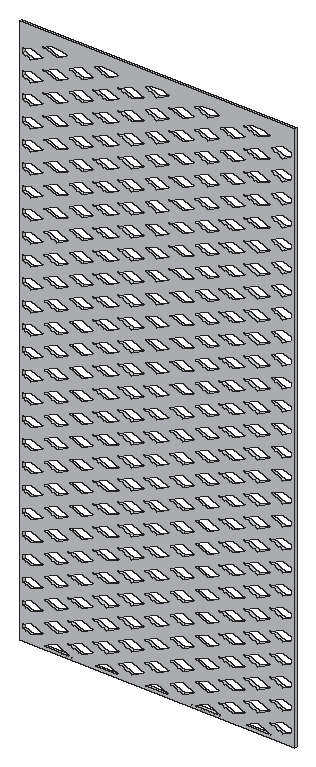
Revit family "J2 PET Felt Room Divider Lattice", category Specialty Equipment, Revit 2022
Family settings
  Round Connector Dimension = Use Diameter
  Part Type = Normal
  Work Plane-Based = No
  Always vertical = Yes
  Cut with Voids When Loaded = No
  Maintain Annotation Orientation = No
  Shared = No
  Room Calculation Point = No
Parameters
  URL = "https://www.j2systems.net/"
  Style Number = "RDLATT"  # constant formula
  Symbol Name = "RDLATT"  # constant formula
  Release Date = "2019"  # constant formula
  Product Line = "Room Divider"  # constant formula
  Model = "Lattice"  # constant formula
  Manufacturer = "J2 Systems"  # constant formula
  Keynote = ""
  Felt Color = none
  Default Elevation = 0' - 0"
Reference planes (in)
  plane 1 "Center (Front/Back)": y = 0
  plane 2: z = 0
  plane 3 "Center (Left/Right)": x = 0
Forms (in)
  Extrusion 1, solid, material <- "Felt Color"
    sketch origin (0, 0, 0) x (1, 0, 0) y (0, 0, 1)
      loop
        line (-23.5, 0) -> (23.5, 0) -> (23.5, 95) -> (-23.5, 95) -> (-23.5, 0)
      loop
        line (-17.27235, 1.59021) -> (-19.94905, 0.49479) -> (-14.59433, 0.49479) -> (-17.27235, 1.59021)
      loop
        line (-8.63549, 1.59021) -> (-11.31219, 0.49479) -> (-5.95747, 0.49479) -> (-8.63549, 1.59021)
      loop
        line (0, 1.59021) -> (-2.6767, 0.49479) -> (2.67803, 0.49479) -> (0, 1.59021)
      loop
        line (8.63549, 1.59021) -> (5.95879, 0.49479) -> (11.31351, 0.49479) -> (8.63549, 1.59021)
      loop
        line (17.27235, 1.59021) -> (14.59565, 0.49479) -> (19.95037, 0.49479) -> (17.27235, 1.59021)
      loop
        line (-12.95392, 3.35908) -> (-15.29593, 2.40111) -> (-12.95392, 1.44314) -> (-10.61191, 2.40111) -> (-12.95392, 3.35908)
      loop
        line (-21.56925, 3.35908) -> (-23.00521, 2.77172) -> (-23.00521, 2.0305) -> (-21.56925, 1.44314) -> (-19.22723, 2.40111) -> (-21.56925, 3.35908)
      loop
        line (-4.31843, 3.35908) -> (-6.66045, 2.40111) -> (-4.31843, 1.44314) -> (-1.97642, 2.40111) -> (-4.31843, 3.35908)
      loop
        line (4.31843, 3.35908) -> (1.97642, 2.40111) -> (4.31843, 1.44314) -> (6.66044, 2.40111) -> (4.31843, 3.35908)
      loop
        line (12.95392, 3.35908) -> (10.61191, 2.40111) -> (12.95392, 1.44314) -> (15.29593, 2.40111) -> (12.95392, 3.35908)
      loop
        line (21.59612, 3.35908) -> (19.25411, 2.40111) -> (21.59612, 1.44314) -> (23.00521, 2.01951) -> (23.00521, 2.78271) -> (21.59612, 3.35908)
      loop
        line (-8.63549, 5.12522) -> (-10.97751, 4.16724) -> (-8.63549, 3.20927) -> (-6.29348, 4.16724) -> (-8.63549, 5.12522)
      loop
        line (0, 5.12522) -> (-2.34201, 4.16724) -> (0, 3.20927) -> (2.34201, 4.16724) -> (0, 5.12522)
      loop
        line (8.63549, 5.12522) -> (6.29347, 4.16724) -> (8.63549, 3.20927) -> (10.9775, 4.16724) -> (8.63549, 5.12522)
      loop
        line (17.27235, 5.12522) -> (14.93034, 4.16724) -> (17.27235, 3.20927) -> (19.61436, 4.16724) -> (17.27235, 5.12522)
      loop
        line (-17.27235, 5.12522) -> (-19.61436, 4.16724) -> (-17.27235, 3.20927) -> (-14.93034, 4.16724) -> (-17.27235, 5.12522)
      loop
        line (-12.95392, 6.88997) -> (-15.29593, 5.932) -> (-12.95392, 4.97402) -> (-10.61191, 5.932) -> (-12.95392, 6.88997)
      loop
        line (-21.56925, 6.88997) -> (-23.00521, 6.30261) -> (-23.00521, 5.56139) -> (-21.56925, 4.97402) -> (-19.22723, 5.932) -> (-21.56925, 6.88997)
      loop
        line (-4.31843, 6.88997) -> (-6.66045, 5.932) -> (-4.31843, 4.97402) -> (-1.97642, 5.932) -> (-4.31843, 6.88997)
      loop
        line (4.31843, 6.88997) -> (1.97642, 5.932) -> (4.31843, 4.97402) -> (6.66044, 5.932) -> (4.31843, 6.88997)
      loop
        line (12.95392, 6.88997) -> (10.61191, 5.932) -> (12.95392, 4.97402) -> (15.29593, 5.932) -> (12.95392, 6.88997)
      loop
        line (21.59612, 6.88997) -> (19.25411, 5.932) -> (21.59612, 4.97402) -> (23.00521, 5.5504) -> (23.00521, 6.3136) -> (21.59612, 6.88997)
      loop
        line (-8.63549, 8.6561) -> (-10.97751, 7.69813) -> (-8.63549, 6.74015) -> (-6.29348, 7.69813) -> (-8.63549, 8.6561)
      loop
        line (0, 8.6561) -> (-2.34201, 7.69813) -> (0, 6.74015) -> (2.34201, 7.69813) -> (0, 8.6561)
      loop
        line (8.63549, 8.6561) -> (6.29347, 7.69813) -> (8.63549, 6.74015) -> (10.9775, 7.69813) -> (8.63549, 8.6561)
      loop
        line (17.27235, 8.6561) -> (14.93034, 7.69813) -> (17.27235, 6.74015) -> (19.61436, 7.69813) -> (17.27235, 8.6561)
      loop
        line (-17.27235, 8.6561) -> (-19.61436, 7.69813) -> (-17.27235, 6.74015) -> (-14.93034, 7.69813) -> (-17.27235, 8.6561)
      loop
        line (-12.95392, 10.42499) -> (-15.29593, 9.46701) -> (-12.95392, 8.50904) -> (-10.61191, 9.46701) -> (-12.95392, 10.42499)
      loop
        line (-21.56925, 10.42499) -> (-23.00521, 9.83762) -> (-23.00521, 9.0964) -> (-21.56925, 8.50904) -> (-19.22723, 9.46701) -> (-21.56925, 10.42499)
      loop
        line (-4.31843, 10.42499) -> (-6.66045, 9.46701) -> (-4.31843, 8.50904) -> (-1.97642, 9.46701) -> (-4.31843, 10.42499)
      loop
        line (4.31843, 10.42499) -> (1.97642, 9.46701) -> (4.31843, 8.50904) -> (6.66044, 9.46701) -> (4.31843, 10.42499)
      loop
        line (12.95392, 10.42499) -> (10.61191, 9.46701) -> (12.95392, 8.50904) -> (15.29593, 9.46701) -> (12.95392, 10.42499)
      loop
        line (21.59612, 10.42499) -> (19.25411, 9.46701) -> (21.59612, 8.50904) -> (23.00521, 9.08541) -> (23.00521, 9.84861) -> (21.59612, 10.42499)
      loop
        line (-8.63549, 12.19112) -> (-10.97751, 11.23314) -> (-8.63549, 10.27517) -> (-6.29348, 11.23314) -> (-8.63549, 12.19112)
      loop
        line (0, 12.19112) -> (-2.34201, 11.23314) -> (0, 10.27517) -> (2.34201, 11.23314) -> (0, 12.19112)
      loop
        line (8.63549, 12.19112) -> (6.29347, 11.23314) -> (8.63549, 10.27517) -> (10.9775, 11.23314) -> (8.63549, 12.19112)
      loop
        line (17.27235, 12.19112) -> (14.93034, 11.23314) -> (17.27235, 10.27517) -> (19.61436, 11.23314) -> (17.27235, 12.19112)
      loop
        line (-17.27235, 12.19112) -> (-19.61436, 11.23314) -> (-17.27235, 10.27517) -> (-14.93034, 11.23314) -> (-17.27235, 12.19112)
      loop
        line (-12.95392, 13.95725) -> (-15.29593, 12.99927) -> (-12.95392, 12.0413) -> (-10.61191, 12.99927) -> (-12.95392, 13.95725)
      loop
        line (-21.56925, 13.95725) -> (-23.00521, 13.36988) -> (-23.00521, 12.62866) -> (-21.56925, 12.0413) -> (-19.22723, 12.99927) -> (-21.56925, 13.95725)
      loop
        line (-4.31843, 13.95725) -> (-6.66045, 12.99927) -> (-4.31843, 12.0413) -> (-1.97642, 12.99927) -> (-4.31843, 13.95725)
      loop
        line (4.31843, 13.95725) -> (1.97642, 12.99927) -> (4.31843, 12.0413) -> (6.66044, 12.99927) -> (4.31843, 13.95725)
      loop
        line (12.95392, 13.95725) -> (10.61191, 12.99927) -> (12.95392, 12.0413) -> (15.29593, 12.99927) -> (12.95392, 13.95725)
      loop
        line (21.59612, 13.95725) -> (19.25411, 12.99927) -> (21.59612, 12.0413) -> (23.00521, 12.61767) -> (23.00521, 13.38088) -> (21.59612, 13.95725)
      loop
        line (-8.63549, 15.72338) -> (-10.97751, 14.76541) -> (-8.63549, 13.80743) -> (-6.29348, 14.76541) -> (-8.63549, 15.72338)
      loop
        line (0, 15.72338) -> (-2.34201, 14.76541) -> (0, 13.80743) -> (2.34201, 14.76541) -> (0, 15.72338)
      loop
        line (8.63549, 15.72338) -> (6.29347, 14.76541) -> (8.63549, 13.80743) -> (10.9775, 14.76541) -> (8.63549, 15.72338)
      loop
        line (17.27235, 15.72338) -> (14.93034, 14.76541) -> (17.27235, 13.80743) -> (19.61436, 14.76541) -> (17.27235, 15.72338)
      loop
        line (-17.27235, 15.72338) -> (-19.61436, 14.76541) -> (-17.27235, 13.80743) -> (-14.93034, 14.76541) -> (-17.27235, 15.72338)
      loop
        line (-12.95392, 17.48814) -> (-15.29593, 16.53016) -> (-12.95392, 15.57219) -> (-10.61191, 16.53016) -> (-12.95392, 17.48814)
      loop
        line (-21.56925, 17.48814) -> (-23.00521, 16.90077) -> (-23.00521, 16.15955) -> (-21.56925, 15.57219) -> (-19.22723, 16.53016) -> (-21.56925, 17.48814)
      loop
        line (-4.31843, 17.48814) -> (-6.66045, 16.53016) -> (-4.31843, 15.57219) -> (-1.97642, 16.53016) -> (-4.31843, 17.48814)
      loop
        line (4.31843, 17.48814) -> (1.97642, 16.53016) -> (4.31843, 15.57219) -> (6.66044, 16.53016) -> (4.31843, 17.48814)
      loop
        line (12.95392, 17.48814) -> (10.61191, 16.53016) -> (12.95392, 15.57219) -> (15.29593, 16.53016) -> (12.95392, 17.48814)
      loop
        line (21.59612, 17.48814) -> (19.25411, 16.53016) -> (21.59612, 15.57219) -> (23.00521, 16.14856) -> (23.00521, 16.91176) -> (21.59612, 17.48814)
      loop
        line (-8.63549, 19.25427) -> (-10.97751, 18.29629) -> (-8.63549, 17.33832) -> (-6.29348, 18.29629) -> (-8.63549, 19.25427)
      loop
        line (0, 19.25427) -> (-2.34201, 18.29629) -> (0, 17.33832) -> (2.34201, 18.29629) -> (0, 19.25427)
      loop
        line (8.63549, 19.25427) -> (6.29347, 18.29629) -> (8.63549, 17.33832) -> (10.9775, 18.29629) -> (8.63549, 19.25427)
      loop
        line (17.27235, 19.25427) -> (14.93034, 18.29629) -> (17.27235, 17.33832) -> (19.61436, 18.29629) -> (17.27235, 19.25427)
      loop
        line (-17.27235, 19.25427) -> (-19.61436, 18.29629) -> (-17.27235, 17.33832) -> (-14.93034, 18.29629) -> (-17.27235, 19.25427)
      loop
        line (-12.95392, 21.0204) -> (-15.29593, 20.06242) -> (-12.95392, 19.10445) -> (-10.61191, 20.06242) -> (-12.95392, 21.0204)
      loop
        line (-21.56925, 21.0204) -> (-23.00521, 20.43303) -> (-23.00521, 19.69181) -> (-21.56925, 19.10445) -> (-19.22723, 20.06242) -> (-21.56925, 21.0204)
      loop
        line (-4.31843, 21.0204) -> (-6.66045, 20.06242) -> (-4.31843, 19.10445) -> (-1.97642, 20.06242) -> (-4.31843, 21.0204)
      loop
        line (4.31843, 21.0204) -> (1.97642, 20.06242) -> (4.31843, 19.10445) -> (6.66044, 20.06242) -> (4.31843, 21.0204)
      loop
        line (12.95392, 21.0204) -> (10.61191, 20.06242) -> (12.95392, 19.10445) -> (15.29593, 20.06242) -> (12.95392, 21.0204)
      loop
        line (21.59612, 21.0204) -> (19.25411, 20.06242) -> (21.59612, 19.10445) -> (23.00521, 19.68082) -> (23.00521, 20.44403) -> (21.59612, 21.0204)
      loop
        line (-8.63549, 22.78653) -> (-10.97751, 21.82856) -> (-8.63549, 20.87058) -> (-6.29348, 21.82856) -> (-8.63549, 22.78653)
      loop
        line (0, 22.78653) -> (-2.34201, 21.82856) -> (0, 20.87058) -> (2.34201, 21.82856) -> (0, 22.78653)
      loop
        line (8.63549, 22.78653) -> (6.29347, 21.82856) -> (8.63549, 20.87058) -> (10.9775, 21.82856) -> (8.63549, 22.78653)
      loop
        line (17.27235, 22.78653) -> (14.93034, 21.82856) -> (17.27235, 20.87058) -> (19.61436, 21.82856) -> (17.27235, 22.78653)
      loop
        line (-17.27235, 22.78653) -> (-19.61436, 21.82856) -> (-17.27235, 20.87058) -> (-14.93034, 21.82856) -> (-17.27235, 22.78653)
      loop
        line (-12.95392, 24.55404) -> (-15.29593, 23.59606) -> (-12.95392, 22.63809) -> (-10.61191, 23.59606) -> (-12.95392, 24.55404)
      loop
        line (-21.56925, 24.55404) -> (-23.00521, 23.96667) -> (-23.00521, 23.22545) -> (-21.56925, 22.63809) -> (-19.22723, 23.59606) -> (-21.56925, 24.55404)
      loop
        line (-4.31843, 24.55404) -> (-6.66045, 23.59606) -> (-4.31843, 22.63809) -> (-1.97642, 23.59606) -> (-4.31843, 24.55404)
      loop
        line (4.31843, 24.55404) -> (1.97642, 23.59606) -> (4.31843, 22.63809) -> (6.66044, 23.59606) -> (4.31843, 24.55404)
      loop
        line (12.95392, 24.55404) -> (10.61191, 23.59606) -> (12.95392, 22.63809) -> (15.29593, 23.59606) -> (12.95392, 24.55404)
      loop
        line (21.59612, 24.55404) -> (19.25411, 23.59606) -> (21.59612, 22.63809) -> (23.00521, 23.21446) -> (23.00521, 23.97766) -> (21.59612, 24.55404)
      loop
        line (-8.63549, 26.32017) -> (-10.97751, 25.36219) -> (-8.63549, 24.40422) -> (-6.29348, 25.36219) -> (-8.63549, 26.32017)
      loop
        line (0, 26.32017) -> (-2.34201, 25.36219) -> (0, 24.40422) -> (2.34201, 25.36219) -> (0, 26.32017)
      loop
        line (8.63549, 26.32017) -> (6.29347, 25.36219) -> (8.63549, 24.40422) -> (10.9775, 25.36219) -> (8.63549, 26.32017)
      loop
        line (17.27235, 26.32017) -> (14.93034, 25.36219) -> (17.27235, 24.40422) -> (19.61436, 25.36219) -> (17.27235, 26.32017)
      loop
        line (-17.27235, 26.32017) -> (-19.61436, 25.36219) -> (-17.27235, 24.40422) -> (-14.93034, 25.36219) -> (-17.27235, 26.32017)
      loop
        line (-12.95392, 28.0863) -> (-15.29593, 27.12833) -> (-12.95392, 26.17035) -> (-10.61191, 27.12833) -> (-12.95392, 28.0863)
      loop
        line (-21.56925, 28.0863) -> (-23.00521, 27.49894) -> (-23.00521, 26.75772) -> (-21.56925, 26.17035) -> (-19.22723, 27.12833) -> (-21.56925, 28.0863)
      loop
        line (-4.31843, 28.0863) -> (-6.66045, 27.12833) -> (-4.31843, 26.17035) -> (-1.97642, 27.12833) -> (-4.31843, 28.0863)
      loop
        line (4.31843, 28.0863) -> (1.97642, 27.12833) -> (4.31843, 26.17035) -> (6.66044, 27.12833) -> (4.31843, 28.0863)
      loop
        line (12.95392, 28.0863) -> (10.61191, 27.12833) -> (12.95392, 26.17035) -> (15.29593, 27.12833) -> (12.95392, 28.0863)
      loop
        line (21.59612, 28.0863) -> (19.25411, 27.12833) -> (21.59612, 26.17035) -> (23.00521, 26.74672) -> (23.00521, 27.50993) -> (21.59612, 28.0863)
      loop
        line (-8.63549, 29.85243) -> (-10.97751, 28.89446) -> (-8.63549, 27.93648) -> (-6.29348, 28.89446) -> (-8.63549, 29.85243)
      loop
        line (0, 29.85243) -> (-2.34201, 28.89446) -> (0, 27.93648) -> (2.34201, 28.89446) -> (0, 29.85243)
      loop
        line (8.63549, 29.85243) -> (6.29347, 28.89446) -> (8.63549, 27.93648) -> (10.9775, 28.89446) -> (8.63549, 29.85243)
      loop
        line (17.27235, 29.85243) -> (14.93034, 28.89446) -> (17.27235, 27.93648) -> (19.61436, 28.89446) -> (17.27235, 29.85243)
      loop
        line (-17.27235, 29.85243) -> (-19.61436, 28.89446) -> (-17.27235, 27.93648) -> (-14.93034, 28.89446) -> (-17.27235, 29.85243)
      loop
        line (-12.95392, 31.61856) -> (-15.29593, 30.66059) -> (-12.95392, 29.70261) -> (-10.61191, 30.66059) -> (-12.95392, 31.61856)
      loop
        line (-21.56925, 31.61856) -> (-23.00521, 31.0312) -> (-23.00521, 30.28998) -> (-21.56925, 29.70261) -> (-19.22723, 30.66059) -> (-21.56925, 31.61856)
      loop
        line (-4.31843, 31.61856) -> (-6.66045, 30.66059) -> (-4.31843, 29.70261) -> (-1.97642, 30.66059) -> (-4.31843, 31.61856)
      loop
        line (4.31843, 31.61856) -> (1.97642, 30.66059) -> (4.31843, 29.70261) -> (6.66044, 30.66059) -> (4.31843, 31.61856)
      loop
        line (12.95392, 31.61856) -> (10.61191, 30.66059) -> (12.95392, 29.70261) -> (15.29593, 30.66059) -> (12.95392, 31.61856)
      loop
        line (21.59612, 31.61856) -> (19.25411, 30.66059) -> (21.59612, 29.70261) -> (23.00521, 30.27898) -> (23.00521, 31.04219) -> (21.59612, 31.61856)
      loop
        line (-8.63549, 33.38469) -> (-10.97751, 32.42672) -> (-8.63549, 31.46874) -> (-6.29348, 32.42672) -> (-8.63549, 33.38469)
      loop
        line (0, 33.38469) -> (-2.34201, 32.42672) -> (0, 31.46874) -> (2.34201, 32.42672) -> (0, 33.38469)
      loop
        line (8.63549, 33.38469) -> (6.29347, 32.42672) -> (8.63549, 31.46874) -> (10.9775, 32.42672) -> (8.63549, 33.38469)
      loop
        line (17.27235, 33.38469) -> (14.93034, 32.42672) -> (17.27235, 31.46874) -> (19.61436, 32.42672) -> (17.27235, 33.38469)
      loop
        line (-17.27235, 33.38469) -> (-19.61436, 32.42672) -> (-17.27235, 31.46874) -> (-14.93034, 32.42672) -> (-17.27235, 33.38469)
      loop
        line (-12.95392, 35.15082) -> (-15.29593, 34.19285) -> (-12.95392, 33.23487) -> (-10.61191, 34.19285) -> (-12.95392, 35.15082)
      loop
        line (-21.56925, 35.15082) -> (-23.00521, 34.56346) -> (-23.00521, 33.82224) -> (-21.56925, 33.23487) -> (-19.22723, 34.19285) -> (-21.56925, 35.15082)
      loop
        line (-4.31843, 35.15082) -> (-6.66045, 34.19285) -> (-4.31843, 33.23487) -> (-1.97642, 34.19285) -> (-4.31843, 35.15082)
      loop
        line (4.31843, 35.15082) -> (1.97642, 34.19285) -> (4.31843, 33.23487) -> (6.66044, 34.19285) -> (4.31843, 35.15082)
      loop
        line (12.95392, 35.15082) -> (10.61191, 34.19285) -> (12.95392, 33.23487) -> (15.29593, 34.19285) -> (12.95392, 35.15082)
      loop
        line (21.59612, 35.15082) -> (19.25411, 34.19285) -> (21.59612, 33.23487) -> (23.00521, 33.81125) -> (23.00521, 34.57445) -> (21.59612, 35.15082)
      loop
        line (-8.63549, 36.91695) -> (-10.97751, 35.95898) -> (-8.63549, 35.001) -> (-6.29348, 35.95898) -> (-8.63549, 36.91695)
      loop
        line (0, 36.91695) -> (-2.34201, 35.95898) -> (0, 35.001) -> (2.34201, 35.95898) -> (0, 36.91695)
      loop
        line (8.63549, 36.91695) -> (6.29347, 35.95898) -> (8.63549, 35.001) -> (10.9775, 35.95898) -> (8.63549, 36.91695)
      loop
        line (17.27235, 36.91695) -> (14.93034, 35.95898) -> (17.27235, 35.001) -> (19.61436, 35.95898) -> (17.27235, 36.91695)
      loop
        line (-17.27235, 36.91695) -> (-19.61436, 35.95898) -> (-17.27235, 35.001) -> (-14.93034, 35.95898) -> (-17.27235, 36.91695)
      loop
        line (-12.95392, 38.68309) -> (-15.29593, 37.72511) -> (-12.95392, 36.76714) -> (-10.61191, 37.72511) -> (-12.95392, 38.68309)
      loop
        line (-21.56925, 38.68309) -> (-23.00521, 38.09572) -> (-23.00521, 37.3545) -> (-21.56925, 36.76714) -> (-19.22723, 37.72511) -> (-21.56925, 38.68309)
      loop
        line (-4.31843, 38.68309) -> (-6.66045, 37.72511) -> (-4.31843, 36.76714) -> (-1.97642, 37.72511) -> (-4.31843, 38.68309)
      loop
        line (4.31843, 38.68309) -> (1.97642, 37.72511) -> (4.31843, 36.76714) -> (6.66044, 37.72511) -> (4.31843, 38.68309)
      loop
        line (12.95392, 38.68309) -> (10.61191, 37.72511) -> (12.95392, 36.76714) -> (15.29593, 37.72511) -> (12.95392, 38.68309)
      loop
        line (21.59612, 38.68309) -> (19.25411, 37.72511) -> (21.59612, 36.76714) -> (23.00521, 37.34351) -> (23.00521, 38.10671) -> (21.59612, 38.68309)
      loop
        line (-8.63549, 40.44922) -> (-10.97751, 39.49124) -> (-8.63549, 38.53327) -> (-6.29348, 39.49124) -> (-8.63549, 40.44922)
      loop
        line (0, 40.44922) -> (-2.34201, 39.49124) -> (0, 38.53327) -> (2.34201, 39.49124) -> (0, 40.44922)
      loop
        line (8.63549, 40.44922) -> (6.29347, 39.49124) -> (8.63549, 38.53327) -> (10.9775, 39.49124) -> (8.63549, 40.44922)
      loop
        line (17.27235, 40.44922) -> (14.93034, 39.49124) -> (17.27235, 38.53327) -> (19.61436, 39.49124) -> (17.27235, 40.44922)
      loop
        line (-17.27235, 40.44922) -> (-19.61436, 39.49124) -> (-17.27235, 38.53327) -> (-14.93034, 39.49124) -> (-17.27235, 40.44922)
      loop
        line (-12.95392, 42.21535) -> (-15.29593, 41.25737) -> (-12.95392, 40.2994) -> (-10.61191, 41.25737) -> (-12.95392, 42.21535)
      loop
        line (-21.56925, 42.21535) -> (-23.00521, 41.62798) -> (-23.00521, 40.88676) -> (-21.56925, 40.2994) -> (-19.22723, 41.25737) -> (-21.56925, 42.21535)
      loop
        line (-4.31843, 42.21535) -> (-6.66045, 41.25737) -> (-4.31843, 40.2994) -> (-1.97642, 41.25737) -> (-4.31843, 42.21535)
      loop
        line (4.31843, 42.21535) -> (1.97642, 41.25737) -> (4.31843, 40.2994) -> (6.66044, 41.25737) -> (4.31843, 42.21535)
      loop
        line (12.95392, 42.21535) -> (10.61191, 41.25737) -> (12.95392, 40.2994) -> (15.29593, 41.25737) -> (12.95392, 42.21535)
      loop
        line (21.59612, 42.21535) -> (19.25411, 41.25737) -> (21.59612, 40.2994) -> (23.00521, 40.87577) -> (23.00521, 41.63897) -> (21.59612, 42.21535)
      loop
        line (-8.63549, 43.98148) -> (-10.97751, 43.0235) -> (-8.63549, 42.06553) -> (-6.29348, 43.0235) -> (-8.63549, 43.98148)
      loop
        line (0, 43.98148) -> (-2.34201, 43.0235) -> (0, 42.06553) -> (2.34201, 43.0235) -> (0, 43.98148)
      loop
        line (8.63549, 43.98148) -> (6.29347, 43.0235) -> (8.63549, 42.06553) -> (10.9775, 43.0235) -> (8.63549, 43.98148)
      loop
        line (17.27235, 43.98148) -> (14.93034, 43.0235) -> (17.27235, 42.06553) -> (19.61436, 43.0235) -> (17.27235, 43.98148)
      loop
        line (-17.27235, 43.98148) -> (-19.61436, 43.0235) -> (-17.27235, 42.06553) -> (-14.93034, 43.0235) -> (-17.27235, 43.98148)
      loop
        line (-12.95392, 45.74761) -> (-15.29593, 44.78964) -> (-12.95392, 43.83166) -> (-10.61191, 44.78964) -> (-12.95392, 45.74761)
      loop
        line (-21.56925, 45.74761) -> (-23.00521, 45.16025) -> (-23.00521, 44.41903) -> (-21.56925, 43.83166) -> (-19.22723, 44.78964) -> (-21.56925, 45.74761)
      loop
        line (-4.31843, 45.74761) -> (-6.66045, 44.78964) -> (-4.31843, 43.83166) -> (-1.97642, 44.78964) -> (-4.31843, 45.74761)
      loop
        line (4.31843, 45.74761) -> (1.97642, 44.78964) -> (4.31843, 43.83166) -> (6.66044, 44.78964) -> (4.31843, 45.74761)
      loop
        line (12.95392, 45.74761) -> (10.61191, 44.78964) -> (12.95392, 43.83166) -> (15.29593, 44.78964) -> (12.95392, 45.74761)
      loop
        line (21.59612, 45.74761) -> (19.25411, 44.78964) -> (21.59612, 43.83166) -> (23.00521, 44.40804) -> (23.00521, 45.17124) -> (21.59612, 45.74761)
      loop
        line (-8.63549, 47.51374) -> (-10.97751, 46.55577) -> (-8.63549, 45.59779) -> (-6.29348, 46.55577) -> (-8.63549, 47.51374)
      loop
        line (0, 47.51374) -> (-2.34201, 46.55577) -> (0, 45.59779) -> (2.34201, 46.55577) -> (0, 47.51374)
      loop
        line (8.63549, 47.51374) -> (6.29347, 46.55577) -> (8.63549, 45.59779) -> (10.9775, 46.55577) -> (8.63549, 47.51374)
      loop
        line (17.27235, 47.51374) -> (14.93034, 46.55577) -> (17.27235, 45.59779) -> (19.61436, 46.55577) -> (17.27235, 47.51374)
      loop
        line (-17.27235, 47.51374) -> (-19.61436, 46.55577) -> (-17.27235, 45.59779) -> (-14.93034, 46.55577) -> (-17.27235, 47.51374)
      loop
        line (-12.95392, 49.27987) -> (-15.29593, 48.3219) -> (-12.95392, 47.36392) -> (-10.61191, 48.3219) -> (-12.95392, 49.27987)
      loop
        line (-21.56925, 49.27987) -> (-23.00521, 48.69251) -> (-23.00521, 47.95129) -> (-21.56925, 47.36392) -> (-19.22723, 48.3219) -> (-21.56925, 49.27987)
      loop
        line (-4.31843, 49.27987) -> (-6.66045, 48.3219) -> (-4.31843, 47.36392) -> (-1.97642, 48.3219) -> (-4.31843, 49.27987)
      loop
        line (4.31843, 49.27987) -> (1.97642, 48.3219) -> (4.31843, 47.36392) -> (6.66044, 48.3219) -> (4.31843, 49.27987)
      loop
        line (12.95392, 49.27987) -> (10.61191, 48.3219) -> (12.95392, 47.36392) -> (15.29593, 48.3219) -> (12.95392, 49.27987)
      loop
        line (21.59612, 49.27987) -> (19.25411, 48.3219) -> (21.59612, 47.36392) -> (23.00521, 47.9403) -> (23.00521, 48.7035) -> (21.59612, 49.27987)
      loop
        line (-8.63549, 51.046) -> (-10.97751, 50.08803) -> (-8.63549, 49.13006) -> (-6.29348, 50.08803) -> (-8.63549, 51.046)
      loop
        line (0, 51.046) -> (-2.34201, 50.08803) -> (0, 49.13006) -> (2.34201, 50.08803) -> (0, 51.046)
      loop
        line (8.63549, 51.046) -> (6.29347, 50.08803) -> (8.63549, 49.13006) -> (10.9775, 50.08803) -> (8.63549, 51.046)
      loop
        line (17.27235, 51.046) -> (14.93034, 50.08803) -> (17.27235, 49.13006) -> (19.61436, 50.08803) -> (17.27235, 51.046)
      loop
        line (-17.27235, 51.046) -> (-19.61436, 50.08803) -> (-17.27235, 49.13006) -> (-14.93034, 50.08803) -> (-17.27235, 51.046)
      loop
        line (-12.95392, 52.81214) -> (-15.29593, 51.85416) -> (-12.95392, 50.89619) -> (-10.61191, 51.85416) -> (-12.95392, 52.81214)
      loop
        line (-21.56925, 52.81214) -> (-23.00521, 52.22477) -> (-23.00521, 51.48355) -> (-21.56925, 50.89619) -> (-19.22723, 51.85416) -> (-21.56925, 52.81214)
      loop
        line (-4.31843, 52.81214) -> (-6.66045, 51.85416) -> (-4.31843, 50.89619) -> (-1.97642, 51.85416) -> (-4.31843, 52.81214)
      loop
        line (4.31843, 52.81214) -> (1.97642, 51.85416) -> (4.31843, 50.89619) -> (6.66044, 51.85416) -> (4.31843, 52.81214)
      loop
        line (12.95392, 52.81214) -> (10.61191, 51.85416) -> (12.95392, 50.89619) -> (15.29593, 51.85416) -> (12.95392, 52.81214)
      loop
        line (21.59612, 52.81214) -> (19.25411, 51.85416) -> (21.59612, 50.89619) -> (23.00521, 51.47256) -> (23.00521, 52.23576) -> (21.59612, 52.81214)
      loop
        line (-8.63549, 54.57827) -> (-10.97751, 53.62029) -> (-8.63549, 52.66232) -> (-6.29348, 53.62029) -> (-8.63549, 54.57827)
      loop
        line (0, 54.57827) -> (-2.34201, 53.62029) -> (0, 52.66232) -> (2.34201, 53.62029) -> (0, 54.57827)
      loop
        line (8.63549, 54.57827) -> (6.29347, 53.62029) -> (8.63549, 52.66232) -> (10.9775, 53.62029) -> (8.63549, 54.57827)
      loop
        line (17.27235, 54.57827) -> (14.93034, 53.62029) -> (17.27235, 52.66232) -> (19.61436, 53.62029) -> (17.27235, 54.57827)
      loop
        line (-17.27235, 54.57827) -> (-19.61436, 53.62029) -> (-17.27235, 52.66232) -> (-14.93034, 53.62029) -> (-17.27235, 54.57827)
      loop
        line (-12.95392, 56.3444) -> (-15.29593, 55.38642) -> (-12.95392, 54.42845) -> (-10.61191, 55.38642) -> (-12.95392, 56.3444)
      loop
        line (-21.56925, 56.3444) -> (-23.00521, 55.75703) -> (-23.00521, 55.01581) -> (-21.56925, 54.42845) -> (-19.22723, 55.38642) -> (-21.56925, 56.3444)
      loop
        line (-4.31843, 56.3444) -> (-6.66045, 55.38642) -> (-4.31843, 54.42845) -> (-1.97642, 55.38642) -> (-4.31843, 56.3444)
      loop
        line (4.31843, 56.3444) -> (1.97642, 55.38642) -> (4.31843, 54.42845) -> (6.66044, 55.38642) -> (4.31843, 56.3444)
      loop
        line (12.95392, 56.3444) -> (10.61191, 55.38642) -> (12.95392, 54.42845) -> (15.29593, 55.38642) -> (12.95392, 56.3444)
      loop
        line (21.59612, 56.3444) -> (19.25411, 55.38642) -> (21.59612, 54.42845) -> (23.00521, 55.00482) -> (23.00521, 55.76803) -> (21.59612, 56.3444)
      loop
        line (-8.63549, 58.11053) -> (-10.97751, 57.15256) -> (-8.63549, 56.19458) -> (-6.29348, 57.15256) -> (-8.63549, 58.11053)
      loop
        line (0, 58.11053) -> (-2.34201, 57.15256) -> (0, 56.19458) -> (2.34201, 57.15256) -> (0, 58.11053)
      loop
        line (8.63549, 58.11053) -> (6.29347, 57.15256) -> (8.63549, 56.19458) -> (10.9775, 57.15256) -> (8.63549, 58.11053)
      loop
        line (17.27235, 58.11053) -> (14.93034, 57.15256) -> (17.27235, 56.19458) -> (19.61436, 57.15256) -> (17.27235, 58.11053)
      loop
        line (-17.27235, 58.11053) -> (-19.61436, 57.15256) -> (-17.27235, 56.19458) -> (-14.93034, 57.15256) -> (-17.27235, 58.11053)
      loop
        line (-12.95392, 59.87666) -> (-15.29593, 58.91869) -> (-12.95392, 57.96071) -> (-10.61191, 58.91869) -> (-12.95392, 59.87666)
      loop
        line (-21.56925, 59.87666) -> (-23.00521, 59.2893) -> (-23.00521, 58.54808) -> (-21.56925, 57.96071) -> (-19.22723, 58.91869) -> (-21.56925, 59.87666)
      loop
        line (-4.31843, 59.87666) -> (-6.66045, 58.91869) -> (-4.31843, 57.96071) -> (-1.97642, 58.91869) -> (-4.31843, 59.87666)
      loop
        line (4.31843, 59.87666) -> (1.97642, 58.91869) -> (4.31843, 57.96071) -> (6.66044, 58.91869) -> (4.31843, 59.87666)
      loop
        line (12.95392, 59.87666) -> (10.61191, 58.91869) -> (12.95392, 57.96071) -> (15.29593, 58.91869) -> (12.95392, 59.87666)
      loop
        line (21.59612, 59.87666) -> (19.25411, 58.91869) -> (21.59612, 57.96071) -> (23.00521, 58.53709) -> (23.00521, 59.30029) -> (21.59612, 59.87666)
      loop
        line (-8.63549, 61.64279) -> (-10.97751, 60.68482) -> (-8.63549, 59.72684) -> (-6.29348, 60.68482) -> (-8.63549, 61.64279)
      loop
        line (0, 61.64279) -> (-2.34201, 60.68482) -> (0, 59.72684) -> (2.34201, 60.68482) -> (0, 61.64279)
      loop
        line (8.63549, 61.64279) -> (6.29347, 60.68482) -> (8.63549, 59.72684) -> (10.9775, 60.68482) -> (8.63549, 61.64279)
      loop
        line (17.27235, 61.64279) -> (14.93034, 60.68482) -> (17.27235, 59.72684) -> (19.61436, 60.68482) -> (17.27235, 61.64279)
      loop
        line (-17.27235, 61.64279) -> (-19.61436, 60.68482) -> (-17.27235, 59.72684) -> (-14.93034, 60.68482) -> (-17.27235, 61.64279)
      loop
        line (-12.95392, 63.40892) -> (-15.29593, 62.45095) -> (-12.95392, 61.49298) -> (-10.61191, 62.45095) -> (-12.95392, 63.40892)
      loop
        line (-21.56925, 63.40892) -> (-23.00521, 62.82156) -> (-23.00521, 62.08034) -> (-21.56925, 61.49298) -> (-19.22723, 62.45095) -> (-21.56925, 63.40892)
      loop
        line (-4.31843, 63.40892) -> (-6.66045, 62.45095) -> (-4.31843, 61.49298) -> (-1.97642, 62.45095) -> (-4.31843, 63.40892)
      loop
        line (4.31843, 63.40892) -> (1.97642, 62.45095) -> (4.31843, 61.49298) -> (6.66044, 62.45095) -> (4.31843, 63.40892)
      loop
        line (12.95392, 63.40892) -> (10.61191, 62.45095) -> (12.95392, 61.49298) -> (15.29593, 62.45095) -> (12.95392, 63.40892)
      loop
        line (21.59612, 63.40892) -> (19.25411, 62.45095) -> (21.59612, 61.49298) -> (23.00521, 62.06935) -> (23.00521, 62.83255) -> (21.59612, 63.40892)
      loop
        line (-8.63549, 65.17506) -> (-10.97751, 64.21708) -> (-8.63549, 63.25911) -> (-6.29348, 64.21708) -> (-8.63549, 65.17506)
      loop
        line (0, 65.17506) -> (-2.34201, 64.21708) -> (0, 63.25911) -> (2.34201, 64.21708) -> (0, 65.17506)
      loop
        line (8.63549, 65.17506) -> (6.29347, 64.21708) -> (8.63549, 63.25911) -> (10.9775, 64.21708) -> (8.63549, 65.17506)
      loop
        line (17.27235, 65.17506) -> (14.93034, 64.21708) -> (17.27235, 63.25911) -> (19.61436, 64.21708) -> (17.27235, 65.17506)
      loop
        line (-17.27235, 65.17506) -> (-19.61436, 64.21708) -> (-17.27235, 63.25911) -> (-14.93034, 64.21708) -> (-17.27235, 65.17506)
      loop
        line (-12.95392, 66.94119) -> (-15.29593, 65.98321) -> (-12.95392, 65.02524) -> (-10.61191, 65.98321) -> (-12.95392, 66.94119)
      loop
        line (-21.56925, 66.94119) -> (-23.00521, 66.35382) -> (-23.00521, 65.6126) -> (-21.56925, 65.02524) -> (-19.22723, 65.98321) -> (-21.56925, 66.94119)
      loop
        line (-4.31843, 66.94119) -> (-6.66045, 65.98321) -> (-4.31843, 65.02524) -> (-1.97642, 65.98321) -> (-4.31843, 66.94119)
      loop
        line (4.31843, 66.94119) -> (1.97642, 65.98321) -> (4.31843, 65.02524) -> (6.66044, 65.98321) -> (4.31843, 66.94119)
      loop
        line (12.95392, 66.94119) -> (10.61191, 65.98321) -> (12.95392, 65.02524) -> (15.29593, 65.98321) -> (12.95392, 66.94119)
      loop
        line (21.59612, 66.94119) -> (19.25411, 65.98321) -> (21.59612, 65.02524) -> (23.00521, 65.60161) -> (23.00521, 66.36481) -> (21.59612, 66.94119)
      loop
        line (-8.63549, 68.70732) -> (-10.97751, 67.74934) -> (-8.63549, 66.79137) -> (-6.29348, 67.74934) -> (-8.63549, 68.70732)
      loop
        line (0, 68.70732) -> (-2.34201, 67.74934) -> (0, 66.79137) -> (2.34201, 67.74934) -> (0, 68.70732)
      loop
        line (8.63549, 68.70732) -> (6.29347, 67.74934) -> (8.63549, 66.79137) -> (10.9775, 67.74934) -> (8.63549, 68.70732)
      loop
        line (17.27235, 68.70732) -> (14.93034, 67.74934) -> (17.27235, 66.79137) -> (19.61436, 67.74934) -> (17.27235, 68.70732)
      loop
        line (-17.27235, 68.70732) -> (-19.61436, 67.74934) -> (-17.27235, 66.79137) -> (-14.93034, 67.74934) -> (-17.27235, 68.70732)
      loop
        line (-12.95392, 70.47345) -> (-15.29593, 69.51548) -> (-12.95392, 68.5575) -> (-10.61191, 69.51548) -> (-12.95392, 70.47345)
      loop
        line (-21.56925, 70.47345) -> (-23.00521, 69.88609) -> (-23.00521, 69.14487) -> (-21.56925, 68.5575) -> (-19.22723, 69.51548) -> (-21.56925, 70.47345)
      loop
        line (-4.31843, 70.47345) -> (-6.66045, 69.51548) -> (-4.31843, 68.5575) -> (-1.97642, 69.51548) -> (-4.31843, 70.47345)
      loop
        line (4.31843, 70.47345) -> (1.97642, 69.51548) -> (4.31843, 68.5575) -> (6.66044, 69.51548) -> (4.31843, 70.47345)
      loop
        line (12.95392, 70.47345) -> (10.61191, 69.51548) -> (12.95392, 68.5575) -> (15.29593, 69.51548) -> (12.95392, 70.47345)
      loop
        line (21.59612, 70.47345) -> (19.25411, 69.51548) -> (21.59612, 68.5575) -> (23.00521, 69.13387) -> (23.00521, 69.89708) -> (21.59612, 70.47345)
      loop
        line (-8.63549, 72.23958) -> (-10.97751, 71.28161) -> (-8.63549, 70.32363) -> (-6.29348, 71.28161) -> (-8.63549, 72.23958)
      loop
        line (0, 72.23958) -> (-2.34201, 71.28161) -> (0, 70.32363) -> (2.34201, 71.28161) -> (0, 72.23958)
      loop
        line (8.63549, 72.23958) -> (6.29347, 71.28161) -> (8.63549, 70.32363) -> (10.9775, 71.28161) -> (8.63549, 72.23958)
      loop
        line (17.27235, 72.23958) -> (14.93034, 71.28161) -> (17.27235, 70.32363) -> (19.61436, 71.28161) -> (17.27235, 72.23958)
      loop
        line (-17.27235, 72.23958) -> (-19.61436, 71.28161) -> (-17.27235, 70.32363) -> (-14.93034, 71.28161) -> (-17.27235, 72.23958)
      loop
        line (-12.95392, 74.00571) -> (-15.29593, 73.04774) -> (-12.95392, 72.08977) -> (-10.61191, 73.04774) -> (-12.95392, 74.00571)
      loop
        line (-21.56925, 74.00571) -> (-23.00521, 73.41835) -> (-23.00521, 72.67713) -> (-21.56925, 72.08977) -> (-19.22723, 73.04774) -> (-21.56925, 74.00571)
      loop
        line (-4.31843, 74.00571) -> (-6.66045, 73.04774) -> (-4.31843, 72.08977) -> (-1.97642, 73.04774) -> (-4.31843, 74.00571)
      loop
        line (4.31843, 74.00571) -> (1.97642, 73.04774) -> (4.31843, 72.08977) -> (6.66044, 73.04774) -> (4.31843, 74.00571)
      loop
        line (12.95392, 74.00571) -> (10.61191, 73.04774) -> (12.95392, 72.08977) -> (15.29593, 73.04774) -> (12.95392, 74.00571)
      loop
        line (21.59612, 74.00571) -> (19.25411, 73.04774) -> (21.59612, 72.08977) -> (23.00521, 72.66614) -> (23.00521, 73.42934) -> (21.59612, 74.00571)
      loop
        line (-8.63549, 75.77185) -> (-10.97751, 74.81387) -> (-8.63549, 73.8559) -> (-6.29348, 74.81387) -> (-8.63549, 75.77185)
      loop
        line (0, 75.77185) -> (-2.34201, 74.81387) -> (0, 73.8559) -> (2.34201, 74.81387) -> (0, 75.77185)
      loop
        line (8.63549, 75.77185) -> (6.29347, 74.81387) -> (8.63549, 73.8559) -> (10.9775, 74.81387) -> (8.63549, 75.77185)
      loop
        line (17.27235, 75.77185) -> (14.93034, 74.81387) -> (17.27235, 73.8559) -> (19.61436, 74.81387) -> (17.27235, 75.77185)
      loop
        line (-17.27235, 75.77185) -> (-19.61436, 74.81387) -> (-17.27235, 73.8559) -> (-14.93034, 74.81387) -> (-17.27235, 75.77185)
      loop
        line (-12.95392, 77.53798) -> (-15.29593, 76.58) -> (-12.95392, 75.62203) -> (-10.61191, 76.58) -> (-12.95392, 77.53798)
      loop
        line (-21.56925, 77.53798) -> (-23.00521, 76.95061) -> (-23.00521, 76.20939) -> (-21.56925, 75.62203) -> (-19.22723, 76.58) -> (-21.56925, 77.53798)
      loop
        line (-4.31843, 77.53798) -> (-6.66045, 76.58) -> (-4.31843, 75.62203) -> (-1.97642, 76.58) -> (-4.31843, 77.53798)
      loop
        line (4.31843, 77.53798) -> (1.97642, 76.58) -> (4.31843, 75.62203) -> (6.66044, 76.58) -> (4.31843, 77.53798)
      loop
        line (12.95392, 77.53798) -> (10.61191, 76.58) -> (12.95392, 75.62203) -> (15.29593, 76.58) -> (12.95392, 77.53798)
      loop
        line (21.59612, 77.53798) -> (19.25411, 76.58) -> (21.59612, 75.62203) -> (23.00521, 76.1984) -> (23.00521, 76.9616) -> (21.59612, 77.53798)
      loop
        line (-8.63549, 79.30411) -> (-10.97751, 78.34613) -> (-8.63549, 77.38816) -> (-6.29348, 78.34613) -> (-8.63549, 79.30411)
      loop
        line (0, 79.30411) -> (-2.34201, 78.34613) -> (0, 77.38816) -> (2.34201, 78.34613) -> (0, 79.30411)
      loop
        line (8.63549, 79.30411) -> (6.29347, 78.34613) -> (8.63549, 77.38816) -> (10.9775, 78.34613) -> (8.63549, 79.30411)
      loop
        line (17.27235, 79.30411) -> (14.93034, 78.34613) -> (17.27235, 77.38816) -> (19.61436, 78.34613) -> (17.27235, 79.30411)
      loop
        line (-17.27235, 79.30411) -> (-19.61436, 78.34613) -> (-17.27235, 77.38816) -> (-14.93034, 78.34613) -> (-17.27235, 79.30411)
      loop
        line (-12.95392, 81.07574) -> (-15.29593, 80.11776) -> (-12.95392, 79.15979) -> (-10.61191, 80.11776) -> (-12.95392, 81.07574)
      loop
        line (-21.56925, 81.07574) -> (-23.00521, 80.48837) -> (-23.00521, 79.74715) -> (-21.56925, 79.15979) -> (-19.22723, 80.11776) -> (-21.56925, 81.07574)
      loop
        line (-4.31843, 81.07574) -> (-6.66045, 80.11776) -> (-4.31843, 79.15979) -> (-1.97642, 80.11776) -> (-4.31843, 81.07574)
      loop
        line (4.31843, 81.07574) -> (1.97642, 80.11776) -> (4.31843, 79.15979) -> (6.66044, 80.11776) -> (4.31843, 81.07574)
      loop
        line (12.95392, 81.07574) -> (10.61191, 80.11776) -> (12.95392, 79.15979) -> (15.29593, 80.11776) -> (12.95392, 81.07574)
      loop
        line (21.59612, 81.07574) -> (19.25411, 80.11776) -> (21.59612, 79.15979) -> (23.00521, 79.73616) -> (23.00521, 80.49936) -> (21.59612, 81.07574)
      loop
        line (-8.63549, 82.84187) -> (-10.97751, 81.88389) -> (-8.63549, 80.92592) -> (-6.29348, 81.88389) -> (-8.63549, 82.84187)
      loop
        line (0, 82.84187) -> (-2.34201, 81.88389) -> (0, 80.92592) -> (2.34201, 81.88389) -> (0, 82.84187)
      loop
        line (8.63549, 82.84187) -> (6.29347, 81.88389) -> (8.63549, 80.92592) -> (10.9775, 81.88389) -> (8.63549, 82.84187)
      loop
        line (17.27235, 82.84187) -> (14.93034, 81.88389) -> (17.27235, 80.92592) -> (19.61436, 81.88389) -> (17.27235, 82.84187)
      loop
        line (-17.27235, 82.84187) -> (-19.61436, 81.88389) -> (-17.27235, 80.92592) -> (-14.93034, 81.88389) -> (-17.27235, 82.84187)
      loop
        line (-12.95392, 84.608) -> (-15.29593, 83.65003) -> (-12.95392, 82.69205) -> (-10.61191, 83.65003) -> (-12.95392, 84.608)
      loop
        line (-21.56925, 84.608) -> (-23.00521, 84.02064) -> (-23.00521, 83.27942) -> (-21.56925, 82.69205) -> (-19.22723, 83.65003) -> (-21.56925, 84.608)
      loop
        line (-4.31843, 84.608) -> (-6.66045, 83.65003) -> (-4.31843, 82.69205) -> (-1.97642, 83.65003) -> (-4.31843, 84.608)
      loop
        line (4.31843, 84.608) -> (1.97642, 83.65003) -> (4.31843, 82.69205) -> (6.66044, 83.65003) -> (4.31843, 84.608)
      loop
        line (12.95392, 84.608) -> (10.61191, 83.65003) -> (12.95392, 82.69205) -> (15.29593, 83.65003) -> (12.95392, 84.608)
      loop
        line (21.59612, 84.608) -> (19.25411, 83.65003) -> (21.59612, 82.69205) -> (23.00521, 83.26842) -> (23.00521, 84.03163) -> (21.59612, 84.608)
      loop
        line (-8.63549, 86.37413) -> (-10.97751, 85.41616) -> (-8.63549, 84.45818) -> (-6.29348, 85.41616) -> (-8.63549, 86.37413)
      loop
        line (0, 86.37413) -> (-2.34201, 85.41616) -> (0, 84.45818) -> (2.34201, 85.41616) -> (0, 86.37413)
      loop
        line (8.63549, 86.37413) -> (6.29347, 85.41616) -> (8.63549, 84.45818) -> (10.9775, 85.41616) -> (8.63549, 86.37413)
      loop
        line (17.27235, 86.37413) -> (14.93034, 85.41616) -> (17.27235, 84.45818) -> (19.61436, 85.41616) -> (17.27235, 86.37413)
      loop
        line (-17.27235, 86.37413) -> (-19.61436, 85.41616) -> (-17.27235, 84.45818) -> (-14.93034, 85.41616) -> (-17.27235, 86.37413)
      loop
        line (-12.95392, 88.14164) -> (-15.29593, 87.18366) -> (-12.95392, 86.22569) -> (-10.61191, 87.18366) -> (-12.95392, 88.14164)
      loop
        line (-21.56925, 88.14164) -> (-23.00521, 87.55427) -> (-23.00521, 86.81305) -> (-21.56925, 86.22569) -> (-19.22723, 87.18366) -> (-21.56925, 88.14164)
      loop
        line (-4.31843, 88.14164) -> (-6.66045, 87.18366) -> (-4.31843, 86.22569) -> (-1.97642, 87.18366) -> (-4.31843, 88.14164)
      loop
        line (4.31843, 88.14164) -> (1.97642, 87.18366) -> (4.31843, 86.22569) -> (6.66044, 87.18366) -> (4.31843, 88.14164)
      loop
        line (12.95392, 88.14164) -> (10.61191, 87.18366) -> (12.95392, 86.22569) -> (15.29593, 87.18366) -> (12.95392, 88.14164)
      loop
        line (21.59612, 88.14164) -> (19.25411, 87.18366) -> (21.59612, 86.22569) -> (23.00521, 86.80206) -> (23.00521, 87.56526) -> (21.59612, 88.14164)
      loop
        line (-8.63549, 89.90777) -> (-10.97751, 88.94979) -> (-8.63549, 87.99182) -> (-6.29348, 88.94979) -> (-8.63549, 89.90777)
      loop
        line (0, 89.90777) -> (-2.34201, 88.94979) -> (0, 87.99182) -> (2.34201, 88.94979) -> (0, 89.90777)
      loop
        line (8.63549, 89.90777) -> (6.29347, 88.94979) -> (8.63549, 87.99182) -> (10.9775, 88.94979) -> (8.63549, 89.90777)
      loop
        line (17.27235, 89.90777) -> (14.93034, 88.94979) -> (17.27235, 87.99182) -> (19.61436, 88.94979) -> (17.27235, 89.90777)
      loop
        line (-17.27235, 89.90777) -> (-19.61436, 88.94979) -> (-17.27235, 87.99182) -> (-14.93034, 88.94979) -> (-17.27235, 89.90777)
      loop
        line (-12.95392, 91.67391) -> (-15.29593, 90.71593) -> (-12.95392, 89.75796) -> (-10.61191, 90.71593) -> (-12.95392, 91.67391)
      loop
        line (-21.56925, 91.67391) -> (-23.00521, 91.08654) -> (-23.00521, 90.34532) -> (-21.56925, 89.75796) -> (-19.22723, 90.71593) -> (-21.56925, 91.67391)
      loop
        line (-4.31843, 91.67391) -> (-6.66045, 90.71593) -> (-4.31843, 89.75796) -> (-1.97642, 90.71593) -> (-4.31843, 91.67391)
      loop
        line (4.31843, 91.67391) -> (1.97642, 90.71593) -> (4.31843, 89.75796) -> (6.66044, 90.71593) -> (4.31843, 91.67391)
      loop
        line (12.95392, 91.67391) -> (10.61191, 90.71593) -> (12.95392, 89.75796) -> (15.29593, 90.71593) -> (12.95392, 91.67391)
      loop
        line (21.59612, 91.67391) -> (19.25411, 90.71593) -> (21.59612, 89.75796) -> (23.00521, 90.33433) -> (23.00521, 91.09753) -> (21.59612, 91.67391)
      loop
        line (-18.2972, 93.02083) -> (-19.61436, 92.48206) -> (-17.27235, 91.52409) -> (-14.93034, 92.48206) -> (-16.2475, 93.02083) -> (-18.2972, 93.02083)
      loop
        line (-9.66171, 93.02083) -> (-10.97887, 92.48206) -> (-8.63686, 91.52409) -> (-6.29485, 92.48206) -> (-7.61201, 93.02083) -> (-9.66171, 93.02083)
      loop
        line (-1.02485, 93.02083) -> (-2.34201, 92.48206) -> (0, 91.52409) -> (2.34201, 92.48206) -> (1.02485, 93.02083) -> (-1.02485, 93.02083)
      loop
        line (7.61064, 93.02083) -> (6.29347, 92.48206) -> (8.63549, 91.52409) -> (10.9775, 92.48206) -> (9.66034, 93.02083) -> (7.61064, 93.02083)
      loop
        line (16.24612, 93.02083) -> (14.92896, 92.48206) -> (17.27097, 91.52409) -> (19.61299, 92.48206) -> (18.29582, 93.02083) -> (16.24612, 93.02083)
    from 0.25 to -0.25
Dimensions and locks (in)
  aligned and locked: level to plane 2
